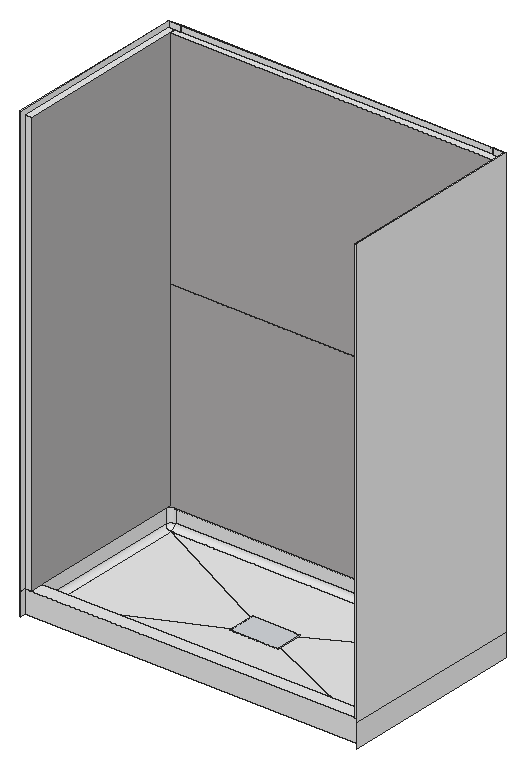
Revit family "5LBS6032FBSQ.V2", category Plumbing Fixtures, Revit 2019
Family settings
  Round Connector Dimension = Use Diameter
  Part Type = Normal
  OmniClass Number = 23.45.05.14.17
  OmniClass Title = Showers
  Work Plane-Based = No
  Always vertical = Yes
  Cut with Voids When Loaded = No
  Shared = No
  Room Calculation Point = No
Parameters (values of type "5LBS6032SQ.V2")
  Unit Width = 60"
  Unit Height = 80 1/2"
  Unit Depth = 33"
  URL = "http://www.bestbath.com/"
  Type Comments = "Remodeler"
  Model = "5LBS6032SQ.V2"
  Material [instance] = Best Bath Gelcoat Fiberglass - 4 x 8 Subway Tile
  Manufacturer = "Best Bath Systems, Inc."
  Keynote = "22 40 00.B3"
  Description = "4 x 8 Subway Tile Finish"
  Assembly Code = "D2010710"
Reference planes (in)
  plane 1 "Back": y = -0.5
  plane 2: z = 0
  plane 3 "Left": x = 0
  plane 4: x = 60
  plane 5: y = -32.5
  plane 6: z = 79.5
  plane 7: z = 0.75
  plane 8: z = 80.5
  plane 9: x = 30
  plane 10: y = -1.75
  plane 11: y = -16.5
  plane 12: z = 0.375
  plane 13: z = 4
  plane 14: z = 39.5
  plane 15: y = -33.5
Forms (in)
  Extrusion 1, solid, material "Best Bath Gelcoat Fiberglass - Smooth"
    sketch origin (0, 0, 0) x (1, 0, 0) y (0, 1, 0)
      loop
        line (0, -0.5) -> (0, -32.5) -> (60, -32.5) -> (60, -0.5) -> (0, -0.5)
    from 0 to 0.75
  Extrusion 2, solid, material "Best Bath Gelcoat Fiberglass - Smooth"
    sketch origin (0, 0, 0) x (1, 0, 0) y (0, 1, 0)
      loop
        line (1.25, -0.5) -> (1.25, -1.75) -> (58.75, -1.75) -> (58.75, -0.5) -> (1.25, -0.5)
    from 4 to 39.5
  Extrusion 3, solid, material "Best Bath Gelcoat Fiberglass - Smooth"
    sketch origin (0, 0, 0) x (1, 0, 0) y (0, 1, 0)
      loop
        line (0, -32.5) -> (1.25, -32.5) -> (1.25, -2.75)
        arc (1.25, -2.75) -> (1.54289, -2.04289) -> (2.25, -1.75) r 1
        line (2.25, -1.75) -> (57.75, -1.75)
        arc (57.75, -1.75) -> (58.45711, -2.04289) -> (58.75, -2.75) r 1
        line (58.75, -2.75) -> (58.75, -32.5) -> (60, -32.5) -> (60, -0.5) -> (0, -0.5) -> (0, -32.5)
    from 0 to 4
  Extrusion 4, solid, material "Best Bath Gelcoat Fiberglass - Smooth"
    sketch origin (0, 0, 0) x (1, 0, 0) y (0, 1, 0)
      loop
        line (0, -32.5) -> (1.25, -32.5) -> (1.25, -0.5) -> (0, -0.5) -> (0, -32.5)
      loop
        line (58.75, -32.5) -> (60, -32.5) -> (60, -0.5) -> (58.75, -0.5) -> (58.75, -32.5)
    from 4 to 79.5
  Sweep 5, solid, material "Best Bath Gelcoat Fiberglass - Smooth"
    path origin (0, 0, 0) x (1, 0, 0) y (0, 1, 0)
      loop
        line (1.25, -32.5) -> (1.25, -2.75)
        arc (1.25, -2.75) -> (1.54289, -2.04289) -> (2.25, -1.75) r 1
        line (2.25, -1.75) -> (57.75, -1.75)
        arc (57.75, -1.75) -> (58.45711, -2.04289) -> (58.75, -2.75) r 1
        line (58.75, -2.75) -> (58.75, -32.5)
    profile origin (1.25, -17.625, 0) x (-1, 0, 0) y (0, 0, 1)
      loop
        line (0, 0.75) -> (0, 1.7)
        arc (0, 1.7) -> (-0.27825, 1.02825) -> (-0.95, 0.75) r 0.95
        line (-0.95, 0.75) -> (0, 0.75)
  Blend 6, void
    base sketch origin (0, 0, 0) x (1, 0, 0) y (0, 1, 0)
      loop
        line (2.25, -29.5) -> (57.75, -29.5) -> (57.75, -2.75) -> (2.25, -2.75) -> (2.25, -29.5)
    top sketch origin (0, 0, 0) x (1, 0, 0) y (0, 1, 0)
      loop
        circle (30, -16.5) r 0.07155
    from 0.75 to 0.375
  Extrusion 7, solid, material "Best Bath Gelcoat Fiberglass - Smooth"
    sketch origin (0, 0, 0) x (1, 0, 0) y (0, 1, 0)
      loop
        line (1.25, -0.5) -> (1.25, -1.75) -> (58.75, -1.75) -> (58.75, -0.5) -> (1.25, -0.5)
    from 39.5 to 79.5
  Sweep 8, solid, material "Best Bath Gelcoat Fiberglass - Smooth"
    path origin (0, 0, 0) x (1, 0, 0) y (0, 1, 0)
      loop
        line (1.25, -32.5) -> (58.75, -32.5)
    profile origin (30, -32.5, 0) x (0, 1, 0) y (0, 0, 1)
      loop
        line (0, 0) -> (3.15, 0) -> (2.35, 4) -> (0, 4) -> (0, 0)
  Extrusion 9, solid, material "Best Bath Gelcoat Fiberglass - Smooth"
    sketch origin (0, 0, 0) x (1, 0, 0) y (0, 1, 0)
      loop
        line (0, -32.5) -> (0, -33.5) -> (0.125, -33.5) -> (0.125, -32.5) -> (0, -32.5)
      loop
        line (60, -32.5) -> (59.875, -32.5) -> (59.875, -33.5) -> (60, -33.5) -> (60, -32.5)
    from 0 to 4
  Extrusion 10, solid, material "Best Bath Gelcoat Fiberglass - Smooth"
    sketch origin (0, 0, 0) x (1, 0, 0) y (0, 1, 0)
      loop
        line (2.25, -0.5) -> (2.25, -0.625) -> (57.75, -0.625) -> (57.75, -0.5) -> (2.25, -0.5)
    from 79.5 to 80.5
  Extrusion 11, solid, material "Best Bath Gelcoat Fiberglass - Smooth"
    sketch origin (0, 0, 0) x (1, 0, 0) y (0, 1, 0)
      loop
        line (0, -33.5) -> (0.125, -33.5) -> (0.125, -0.625) -> (2.25, -0.625) -> (2.25, -0.5) -> (0, -0.5) -> (0, -33.5)
      loop
        line (60, -33.5) -> (60, -0.5) -> (57.75, -0.5) -> (57.75, -0.625) -> (59.875, -0.625) -> (59.875, -33.5) -> (60, -33.5)
    from 4 to 80.5
  Extrusion 12, void
    sketch origin (0, 0, 0.75) x (0, 1, 0) y (1, 0, 0)
      loop
        line (-14, 25.75) -> (-14, 34.25) -> (-19, 34.25) -> (-19, 25.75) -> (-14, 25.75)
    from 0 to 0.5
  Extrusion 13, void
    sketch origin (0, 0, 0.75) x (0, 1, 0) y (1, 0, 0)
      loop
        circle (-16.5, 30) r 1.25
    from 0 to 1
  Extrusion 14, solid
    sketch origin (0, 0, 0.25) x (0, 1, 0) y (-1, 0, 0)
      loop
        line (-14, -25.75) -> (-19, -25.75) -> (-19, -34.25) -> (-14, -34.25) -> (-14, -25.75)
    from 0 to 0.25
Cuts and joins
  Blend 6, Extrusion 12, Extrusion 13 cuts Extrusion 1
  Blend 6, Extrusion 12, Extrusion 13 cuts Extrusion 3
  Blend 6, Extrusion 12, Extrusion 13 cuts Sweep 5
  Extrusion 12, Extrusion 13 cuts Sweep 8
  Extrusion 12, Extrusion 13 cuts Extrusion 9
  joined: Extrusion 1, Extrusion 3, Sweep 5, Sweep 8, Extrusion 9
  joined: Extrusion 7, Extrusion 10
  joined: Extrusion 4, Extrusion 11
Dimensions and locks (in)
  "Unit Width": plane 3 "Left" to plane 4
  locked: plane 7 to level at 0.75
  locked: plane 8 to plane 6 at 1
  "Unit Height": plane 8 to level
  plane 3 "Left" to plane 9 to plane 4 = 30", 30"
  locked: plane 1 "Back" to plane 11 at 16
  plane 10 to plane 1 "Back" = 1 1/4"
  locked: plane 7 to plane 12 at 0.375
  locked: plane 14 to plane 13 at 35.5
  locked: plane 13 to level at 4
  locked: plane 5 to plane 15 at 1
  "Unit Depth": plane 15 to plane 1 "Back"
  aligned and locked: level to plane 2
  aligned and locked: Extrusion 1 to plane 7
  aligned and locked: plane 5 to Extrusion 1 sketch curve
  aligned and locked: plane 4 to Extrusion 1 sketch curve
  aligned and locked: Extrusion 2 sketch curve to Extrusion 1
  aligned and locked: Extrusion 2 sketch curve to plane 10
  aligned and locked: plane 13 to Extrusion 3
  aligned and locked: Extrusion 2 to plane 13
  aligned and locked: Extrusion 4 to Extrusion 2
  aligned and locked: plane 6 to Extrusion 4
  aligned and locked: Sweep 5 sketch curve to plane 7
  aligned and locked: plane 11 to Blend 6 sketch curve
  aligned and locked: plane 9 to Blend 6 sketch curve
  aligned and locked: Blend 6 to plane 12
  aligned and locked: Extrusion 1 to Blend 6
  aligned and locked: plane 14 to Extrusion 2
  aligned and locked: Extrusion 7 to Extrusion 2  (x2)
  aligned and locked: plane 6 to Extrusion 7
  aligned and locked: Extrusion 9 to Extrusion 2
  aligned and locked: plane 8 to Extrusion 10
  aligned and locked: Extrusion 10 to plane 6
  aligned and locked: Extrusion 11 to Extrusion 2
  aligned and locked: plane 8 to Extrusion 11
  aligned and locked: Extrusion 7 to cut or joined group of Extrusion 1, Extrusion 3, Sweep 5, Blend 6, Sweep 8, Extrusion 9, Extrusion 12, Extrusion 13
  aligned and locked: Extrusion 2 to cut or joined group of Extrusion 1, Extrusion 3, Sweep 5, Blend 6, Sweep 8, Extrusion 9, Extrusion 12, Extrusion 13
  aligned and locked: cut or joined group of Extrusion 1, Extrusion 3, Sweep 5, Blend 6, Sweep 8, Extrusion 9, Extrusion 12, Extrusion 13 to Extrusion 2
Automatic sketch dimensions
  plane 3 "Left" to Extrusion 2 sketch curve = 1 1/4"
  plane 4 to Extrusion 2 sketch curve = 1 1/4"
  Extrusion 3 sketch curve to plane 3 "Left" = 0"
  Extrusion 3 sketch curve to plane 5 = 0"  (x2)
  Extrusion 3 sketch curve to plane 10 = 0"
  plane 1 "Back" to Extrusion 3 sketch curve = 0"
  Extrusion 3 sketch curve to plane 4 = 0"
  plane 3 "Left" to Extrusion 3 sketch curve = 1 1/4"
  Extrusion 3 sketch curve to plane 10 = 1"
  plane 4 to Extrusion 3 sketch curve = 2 1/4"
  plane 4 to Extrusion 3 sketch curve = 1 1/4"
  Extrusion 4 sketch curve to plane 3 "Left" = 0"
  Extrusion 4 sketch curve to plane 5 = 0"  (x2)
  plane 1 "Back" to Extrusion 4 sketch curve = 0"  (x2)
  Extrusion 4 sketch curve to plane 4 = 0"
  plane 3 "Left" to Extrusion 4 sketch curve = 1 1/4"
  Sweep 5 sketch curve to plane 5 = 0"  (x2)
  Sweep 5 sketch curve to plane 10 = 0"
  plane 3 "Left" to Sweep 5 sketch curve = 1 1/4"
  Sweep 5 sketch curve to Sweep 5 sketch curve = 1"
  Sweep 5 sketch curve to plane 10 = 1"
  plane 4 to Sweep 5 sketch curve = 2 1/4"
  Sweep 5 sketch curve to profile plane = 0"
  profile plane to Sweep 5 sketch curve = 0.95"
  Blend 6 sketch curve to plane 10 = 1"
  plane 3 "Left" to Blend 6 sketch curve = 2 1/4"
  plane 4 to Blend 6 sketch curve = 2 1/4"
  plane 5 to Blend 6 sketch curve = 3"
  plane 1 "Back" to Extrusion 7 sketch curve = 0"
  Extrusion 7 sketch curve to plane 10 = 0"
  plane 3 "Left" to Extrusion 7 sketch curve = 1 1/4"
  plane 4 to Extrusion 7 sketch curve = 1 1/4"
  Sweep 8 sketch curve to plane 5 = 0"
  plane 3 "Left" to Sweep 8 sketch curve = 1 1/4"
  plane 4 to Sweep 8 sketch curve = 1 1/4"
  Extrusion 9 sketch curve to plane 3 "Left" = 0"
  Extrusion 9 sketch curve to plane 15 = 0"  (x2)
  Extrusion 9 sketch curve to plane 5 = 0"  (x2)
  Extrusion 9 sketch curve to plane 4 = 0"
  plane 3 "Left" to Extrusion 9 sketch curve = 1/8"
  Extrusion 9 sketch curve to Extrusion 9 sketch curve = 1/8"
  plane 1 "Back" to Extrusion 10 sketch curve = 0"
  plane 1 "Back" to Extrusion 10 sketch curve = 1/8"
  plane 3 "Left" to Extrusion 10 sketch curve = 2 1/4"
  plane 4 to Extrusion 10 sketch curve = 2 1/4"
  Extrusion 11 sketch curve to plane 3 "Left" = 0"
  Extrusion 11 sketch curve to plane 15 = 0"  (x2)
  plane 1 "Back" to Extrusion 11 sketch curve = 0"  (x2)
  Extrusion 11 sketch curve to plane 4 = 0"
  plane 3 "Left" to Extrusion 11 sketch curve = 1/8"
  plane 1 "Back" to Extrusion 11 sketch curve = 1/8"  (x2)
  Extrusion 11 sketch curve to Extrusion 11 sketch curve = 2 1/8"
  Extrusion 11 sketch curve to Extrusion 11 sketch curve = 2 1/4"
  Extrusion 11 sketch curve to Extrusion 11 sketch curve = 1/8"
  Sweep 8 sketch curve to profile plane = 0"  (x2)
  Sweep 8 sketch curve to profile plane = 2.35"
  Sweep 8 sketch curve to profile plane = 3.15"
  profile plane to Sweep 8 sketch curve = 4"
  Extrusion 4 sketch curve to Extrusion 4 sketch curve = 1 1/4"
  Extrusion 1 sketch curve to plane 3 "Left" = 0"
  plane 1 "Back" to Extrusion 1 sketch curve = 0"
  Extrusion 12 sketch curve to Extrusion 1 = 25 3/4"
  Extrusion 12 sketch curve to Extrusion 12 sketch curve = 8 1/2"
  Extrusion 12 sketch curve to Extrusion 1 = 13 1/2"
  Extrusion 12 sketch curve to Extrusion 12 sketch curve = 5"
  Extrusion 13 sketch curve to Extrusion 1 = 16"
  Extrusion 13 sketch curve to Extrusion 1 = 30"
  Extrusion 14 sketch curve to Extrusion 12 = 0"  (x4)
  radius of Blend 6 sketch curve = 0.07155"
  radius of Extrusion 13 sketch curve = 1 1/4"
